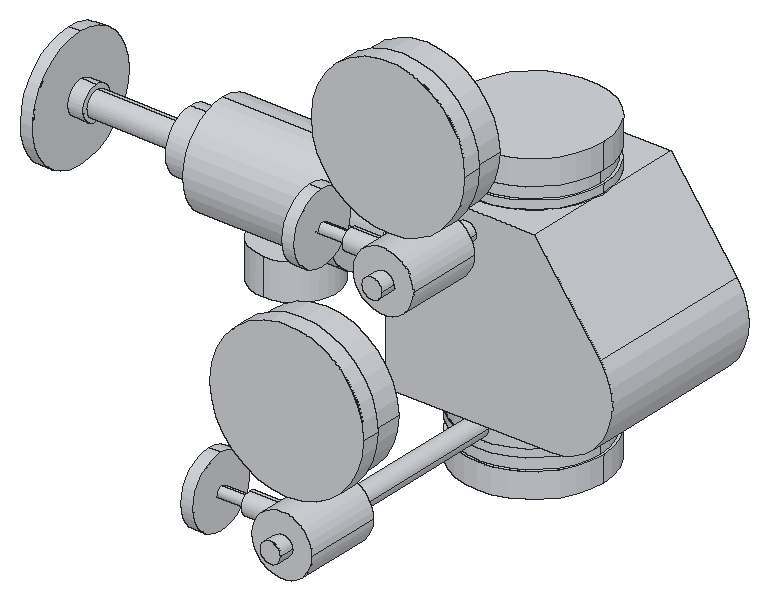
Revit family
Reference planes (in)
  plane 1 "Center (Front/Back)": y = 0
  plane 2: z = 0
  plane 3 "Center (Left/Right)": x = 0
Dimensions and locks (in)
  aligned and locked: plane 2 to level
Nested families (in)
  nested 1: "3RC" at (0, 1.58656, 0), type "RASCO MODEL G RISER CHECK W/ TRIM"
Connectors (in)
  piping at (0.00094, 0.04987, 7.625)
    settings: on nested 1, index 1, connector radius 1 3/4", flow factor 0, pipe flow 0 GPM, pressure drop 0.00 psi, fitting loss kfactor 0, connector angle 0.00°, fixture units 0, flow configuration 0, flow direction 0, fitting loss method 0, system type 7, connector reference index -1, connector utility 0, adjustable connector no, is connector primary yes, fitting loss table "", connector description ""
  piping at (0, 0.04, 0)
    settings: on nested 1, index 2, connector radius 1 3/4", flow factor 0, pipe flow 0 GPM, pressure drop 0.00 psi, fitting loss kfactor 0, connector angle 0.00°, fixture units 0, flow configuration 0, flow direction 0, fitting loss method 0, system type 7, connector reference index -1, connector utility 0, adjustable connector no, is connector primary no, fitting loss table "", connector description ""
  piping at (-5.94098, 0.04, 2.80252)
    settings: on nested 1, index 3, connector radius 1", flow factor 0, pipe flow 0 GPM, pressure drop 0.00 psi, fitting loss kfactor 0, connector angle 0.00°, fixture units 0, flow configuration 0, flow direction 0, fitting loss method 0, system type 7, connector reference index -1, connector utility 0, adjustable connector no, is connector primary no, fitting loss table "", connector description ""
Definition of nested family "3RC"
  Reference planes (in)
    plane 1 "Center (Front/Back)": y = 0
    plane 2: z = 0
    plane 3 "Center (Left/Right)": x = 0
    plane 4 "ref.2": z = 0.62514
    plane 5: z = 7.125
    plane 6 "name": y = -3.125
    plane 7 "REF3": z = 0.93714
    plane 8: x = -11.62
  Forms (in)
    Sweep 1, solid
      path origin (-0.38743, 0, 0.17302) x (1, 0, 0) y (0, 0, 1)
        loop
          line (-3.86529, 3.88231) -> (-2.36529, 3.88231) -> (-2.27852, 3.88231)
      profile origin (-3.50272, 0, 4.05532) x (0, 0, 1) y (0, -1, 0)
        loop
          circle (0, 1.53553) r 0.75
    Sweep 2, solid
      path origin (0, -1.76341, 0.49313) x (0, 1, 0) y (0, 0, 1)
        loop
          line (-1.82106, 5.45912) -> (-4.82106, 5.45912)
      profile origin (0, -5.08447, 5.95225) x (0, 0, -1) y (1, 0, 0)
        loop
          circle (0, 0) r 0.25
    Sweep 3, solid
      path origin (0, -1.87536, -0.00352) x (0, 1, 0) y (0, 0, 1)
        loop
          line (-7.88786, 1.36957) -> (-1.38786, 1.36957)
      profile origin (0, -6.51322, 1.36606) x (0, 0, 1) y (1, 0, 0)
        loop
          circle (0.06652, 0) r 0.25
  Dimensions and locks (in)
    aligned and locked: plane 2 to level
  Nested families (in)
    nested 1: "Angle valve2" at (-8.08223, -1.54656, 1.38546), type "RASCO Valve, Angle , 1 1/4""
    nested 2: "Gauge" at (0, -4.88841, 2.46178), type "RASCO Gauge"
    nested 3: "Gauge" at (0, -8.04659, -2.0477), type "RASCO Gauge"
    nested 4: "Globe Valve2" at (0.21925, -8.79659, 0.17189), type "RASCO Globe Valve"
    nested 5: "Globe Valve2" at (0.21946, -5.63841, 4.69149), type "RASCO Globe Valve"
    nested 6: "3in Model G RISER Valve" at (0, -1.54656, 0), type "3in Model G RISER Valve"
  Definition of nested family "Angle valve2"
    Parameters (values of type "RASCO Valve, Angle , 1 1/4"")
      Assembly Code = ""
    Reference planes (in)
      plane 1 "Center (Front/Back)": y = 0
      plane 2: z = 0
      plane 3 "Center (Left/Right)": x = 0
      plane 4 "ref.2": z = 4.346
      plane 5 "ref.3": z = 6.346
      plane 6 "ref.4": z = 8.166
      plane 7 "ref.5": z = 8.566
      plane 8 "ref. side": x = 1.57537
    Forms (in)
      Extrusion 1, solid
        sketch origin (5.08313, 0, 2.63157) x (-0.00712, 0, -0.999975) y (0, -1, 0)
          loop
            circle (0, 0) r 1.25
        from 1.10297 to 4.76608
      Extrusion 2, solid
        sketch origin (0.31715, 0, 2.66197) x (0.00712, 0, 0.999975) y (0, 1, 0)
          loop
            circle (0, 0) r 0.77644
        from 0 to 0.804
      Extrusion 3, solid
        sketch origin (-0.96692, 0, 2.65669) x (0.00712, 0, 0.999975) y (0, 1, 0)
          loop
            circle (0, 0) r 0.3125
        from -0.48 to 1.87297
      Extrusion 4, solid
        sketch origin (-2.83984, 0, 2.67182) x (0.00712, 0, 0.999975) y (0, 1, 0)
          loop
            circle (0, 0) r 0.4125
        from 0 to 0.4
      Extrusion 5, solid
        sketch origin (-3.24009, 0, 2.63833) x (0, -1, 0) y (0.00712, 0, 0.999975)
          loop
            circle (0, 0) r 1.5
        from 0 to 0.3
      Extrusion 6, solid
        sketch origin (4.60938, 0, 1.41268) x (-0.999975, 0, 0.00712) y (0, 1, 0)
          loop
            circle (2.4681, 0) r 1
        from 0.01319 to 0.92
    Dimensions and locks (in)
      Extrusion 5 to Extrusion 1 = 0' - 7.52008"
      aligned and locked: plane 2 to level
  Definition of nested family "Gauge"
    Reference planes (in)
      plane 1 "Center (Front/Back)": y = 0
      plane 2: z = 0
      plane 3 "Center (Left/Right)": x = 0
      plane 4: z = 7.47962
      plane 5 "ref.2": y = -0.425
      plane 6 "ref.3": z = 5.65212
      plane 7 "refdt": y = -1.191
    Forms (in)
      Extrusion 1, solid
        sketch origin (0, -1.191, -1.051) x (-1, 0, 0) y (0, 0, 1)
          loop
            circle (0, 7.47962) r 1.9225
        from 0 to 0.425
      Extrusion 2, solid
        sketch origin (0, -0.766, -1.051) x (0, 0, 1) y (1, 0, 0)
          loop
            circle (7.47962, 0) r 1.8275
        from 0 to 0.766
      Extrusion 3, solid
        sketch origin (0, -1.191, 4.60112) x (1, 0, 0) y (0, 1, 0)
          loop
            circle (0, 0.80101) r 0.2725
        from 0 to -1.146
    Lines and regions (in)
      model lines
        curve 1: arc (-1.6525, -1.191, 6.42862) -> (0, -1.191, 8.08112) -> (1.6525, -1.191, 6.42862) r 1.6525
        curve 2: arc (-1.4775, -1.191, 6.42862) -> (0, -1.191, 7.90612) -> (1.4775, -1.191, 6.42862) r 1.4775
        curve 3: line (-1.6525, -1.191, 6.42862) -> (-1.4775, -1.191, 6.42862)
        curve 4: line (1.4775, -1.191, 6.42862) -> (1.6525, -1.191, 6.42862)
        curve 5: line (-0.53387, -1.191, 6.23266) -> (0.86594, -1.191, 7.32631)
        curve 6: line (0.86594, -1.191, 7.32631) -> (-0.38079, -1.191, 6.07958)
        curve 7: line (-0.38079, -1.191, 6.07958) -> (-0.53387, -1.191, 6.23266)
    Dimensions and locks (in)
      aligned and locked: plane 2 to level
  Definition of nested family "Globe Valve2"
    Parameters (values of type "RASCO Globe Valve")
      Assembly Code = ""
    Reference planes (in)
      plane 1 "Center (Front/Back)": y = 0
      plane 2: z = 0
      plane 3 "Center (Left/Right)": x = 0
      plane 4 "ref. side": x = -0.5
      plane 5 "ref. side2": x = -1.734
      plane 6 "ref. side 4": x = -2.763
    Forms (in)
      Extrusion 1, solid
        sketch origin (-0.22225, -0.51301, 1.26951) x (1, 0, 0) y (0, 0, -1)
          loop
            circle (0, 0) r 0.75
        from -0.07961 to 1.82121
      Extrusion 2, solid
        sketch origin (-1.77701, -0.51016, 1.24486) x (0, 1, 0) y (0, 0, 1)
          loop
            circle (0.86289, 0) r 0.265
        from -0.00766 to 1.234
      Extrusion 3, solid
        sketch origin (-1.78467, -0.49129, 1.24486) x (0, -1, 0) y (0, 0, 1)
          loop
            circle (-0.85773, 0) r 0.135
        from 0 to 1.029
      Extrusion 4, solid
        sketch origin (-2.81367, -0.49129, 1.24486) x (0, 1, 0) y (0, 0, 1)
          loop
            circle (0.85138, 0) r 0.87523
        from 0 to 0.3
    Dimensions and locks (in)
      aligned and locked: plane 2 to level
  Definition of nested family "3in Model G RISER Valve"
    Reference planes (in)
      plane 1 "Center (Front/Back)": y = 0
      plane 2: z = 0
      plane 3 "Center (Left/Right)": x = 0
      plane 4 "ref.2": z = 0.62514
      plane 5: z = 7.625
      plane 6 "name": y = -3.125
      plane 7 "REF3": z = 0.93714
    Forms (in)
      Extrusion 1, solid
        sketch origin (0, 0, 0) x (1, 0, 0) y (0, 1, 0)
          loop
            circle (0, 0) r 1.75
        from 0 to 0.625
      Extrusion 2, solid
        sketch origin (0, 0, 0.62514) x (-1, 0, 0) y (0, -1, 0)
          loop
            circle (0, 0) r 1.75
        from 0.512 to 5.86286
      Extrusion 3, solid
        sketch origin (0, 0, 0) x (0, 1, 0) y (0, 0, 1)
          loop
            circle (0, 4) r 1.25
        from 0 to -2.81702
      Extrusion 4, solid
        sketch origin (0, 0, -0.01919) x (-1, 0, 0) y (0, 0, -1)
          loop
            line (-3.37349, -4.24972) -> (-1.73439, -6.50719) -> (2, -6.50719) -> (2, -1.76919) -> (-2.062, -1.76919) -> (-2.10912, -1.76919)
            arc (-2.10912, -1.76919) -> (-3.50121, -2.62212) -> (-3.37349, -4.24972) r 1.5625
        from -2.12251 to 2.12033
      Extrusion 5, solid
        sketch origin (0, 0, 0.62514) x (-1, 0, 0) y (0, -1, 0)
          loop
            circle (0, 0) r 1.672
        from 0 to 0.312
      Extrusion 6, solid
        sketch origin (0, 0, 0.93714) x (-1, 0, 0) y (0, -1, 0)
          loop
            circle (0, 0) r 1.75
        from 0 to 0.2
      Extrusion 7, solid
        sketch origin (0.00094, 0.00987, 7) x (0, 1, 0) y (-1, 0, 0)
          loop
            circle (0, 0) r 1.75
        from 0 to 0.625
      Extrusion 8, solid
        sketch origin (-0.00087, 0.00987, 6.688) x (0, -1, 0) y (1, 0, 0)
          loop
            circle (0, 0) r 1.6729
        from 0 to 0.312
      Extrusion 9, solid
        sketch origin (-0.0017, 0.00987, 6.488) x (0, -1, 0) y (1, 0, 0)
          loop
            circle (0, 0) r 1.75
        from 0 to 0.2
    Dimensions and locks (in)
      level to plane 5 = 0' - 7 5/8"
      aligned and locked: plane 2 to level
